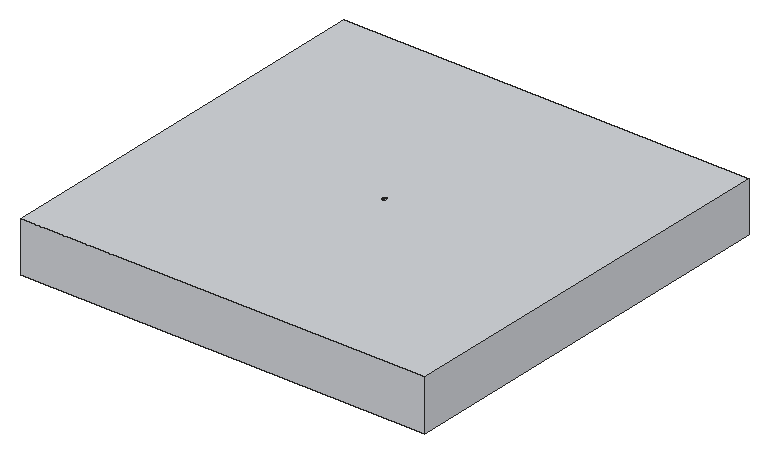
Revit family "Einschlaganker E und ES, VA", category HLS-Bauteile, Revit 2018
Family settings
  Basisbauteil = Fläche
  Bemaßung runder Anschluss = Durchmesser verwenden
  Teiletyp = Normal
  Beim Laden mit Abzugskörper schneiden = Nein
  Gemeinsam genutzt = Ja
  Raumberechnungspunkt = Nein
Parameters (values of type "Einschlaganker E M16x65, VA4")
  vpe = "25 St"
  min. Einschraubtiefe = "18 mm"
  max. Einschraubtiefe = "23 mm"
  d1 = 10 mm
  Default Elevation = 1219.2 mm
  T = 65 mm
  Regelhalter [instance] = ""
  Mengeneinheit = "St"
  Material = "Edelstahl"
  Länge Gewinde = 23 mm
  Länge = 23 mm
  Kurztext2 = "M16 x 65"
  Kurztext1 = "Einschlaganker E V4A"
  Gewinde = "M16"
  Gewicht pro Bauteil = Gewicht  # 0.1028 kg
  Gewicht = 0.1028 kg
  Firma = "MEFA Befestigungs- und Montagesysteme GmbH"
  Fabrikat = "MKT"
  EAN = "4043315011657"
  D = 7 mm
  Bohrlochtiefe = "65 mm"
  Bohrerdurchmesser = "20 mm"
  Artikelnummer = "211805500501"
Types (5, lengths in mm): name | vpe | min. Einschraubtiefe | max. Einschraubtiefe | d1 | T | Länge Gewinde | Länge | Kurztext2 | Kurztext1 | Gewinde | Gewicht pro Bauteil | Gewicht | EAN | D | Bohrlochtiefe | Bohrerdurchmesser | Artikelnummer
  (no name) | "25 St" | "18 mm" | "23 mm" | 10 | 65 | 23 | 23 | "M16 x 65" | "Einschlaganker E V4A" | "M16" | 0.1028 kg | 0.1028 kg | "4043315011657" | 7 | "65 mm" | "20 mm" | "211805500501"
  Einschlaganker ES M 8x30, VA4 | "100 St" | "9 mm" | "13 mm" | 5 | 30 | 13 | 13 | "M8 x 30" | "Einschlaganker ES V4A" | "M8" | 0.0115 kg | 0.0115 kg | "4250928448743" | 3.3 | "30 mm" | "10 mm" | "211805150501"
  Einschlaganker ES M10x40, VA4 | "50 St" | "11 mm" | "15 mm" | 6 | 40 | 15 | 15 | "M10 x 40" | "Einschlaganker ES V4A" | "M10" | 0.022 kg | 0.022 kg | "4250928448750" | 4.2 | "40 mm" | "12 mm" | "211805250501"
  Einschlaganker ES M12x50, VA | "50 St" | "13 mm" | "18 mm" | 7.5 | 50 | 18 | 18 | "M12 x 50" | "Einschlaganker ES V4A" | "M12" | 0.043 kg | 0.043 kg | "4250928448767" | 5.1 | "50 mm" | "15 mm" | "211805350501"
  Einschlaganker E M16x65, VA4 | "25 St" | "18 mm" | "23 mm" | 10 | 65 | 23 | 23 | "M16 x 65" | "Einschlaganker E V4A" | "M16" | 0.1028 kg | 0.1028 kg | "4043315011657" | 7 | "65 mm" | "20 mm" | "211805500501"
Reference planes
  plane 1 "Mitte (Vorne/hinten)": y = 0
  plane 2: z = 0
  plane 3 "Mitte (Links/rechts)": x = 0
Forms (mm)
  Extrusion 1, solid
    sketch origin (0, 0, 0) x (1, 0, 0) y (0, 1, 0)
      loop
        line (-1219.2, 1219.2) -> (-1219.2, -1219.2) -> (1219.2, -1219.2) -> (1219.2, 1219.2) -> (-1219.2, 1219.2)
    from 0 to -304.8
  Extrusion 2, solid
    sketch origin (0, 0, 0) x (1, 0, 0) y (0, 1, 0)
      loop
        circle (0, 0) r 10
    from 0 to -65
  Extrusion 3, void
    sketch origin (0, 0, 0) x (1, 0, 0) y (0, 1, 0)
      loop
        circle (0, 0) r 7
    from 0 to -23
Cuts and joins
  Extrusion 3 cuts Extrusion 2
Lines and regions (mm)
  model lines
    curve 1: line (0, 0, 10) -> (0, 0, -75)
    curve 2: line (0, -12.5, 0) -> (0, 12.5, 0)
    curve 3: line (-12.5, 0, 0) -> (12.5, 0, 0)
Dimensions and locks
  "T": Extrusion 1 to Extrusion 2
  "Länge": Extrusion 1 to cut or joined group of Extrusion 2, Extrusion 3
  "d1": radius of Extrusion 2 sketch curve
  "D": radius of Extrusion 3 sketch curve
  aligned and locked: plane 2 to Extrusion 1
  aligned and locked: level to Extrusion 1
  aligned and locked: plane 1 "Mitte (Vorne/hinten)" to curve 1
  aligned and locked: curve 2 to level
  aligned and locked: curve 3 to level
Automatic sketch dimensions
  Extrusion 1 sketch curve to Extrusion 1 sketch curve = 2438.4 mm  (x2)
  plane 1 "Mitte (Vorne/hinten)" to curve 2 = 12.5 mm
  curve 2 to plane 1 "Mitte (Vorne/hinten)" = 12.5 mm
  curve 1 to level = 75 mm
  level to curve 1 = 10 mm
  curve 3 to plane 3 "Mitte (Links/rechts)" = 12.5 mm
  plane 3 "Mitte (Links/rechts)" to curve 3 = 12.5 mm
  plane 1 "Mitte (Vorne/hinten)" to Extrusion 2 sketch curve = 0 mm
  Extrusion 2 sketch curve to plane 3 "Mitte (Links/rechts)" = 0 mm
  plane 1 "Mitte (Vorne/hinten)" to Extrusion 3 sketch curve = 0 mm
  Extrusion 3 sketch curve to plane 3 "Mitte (Links/rechts)" = 0 mm
